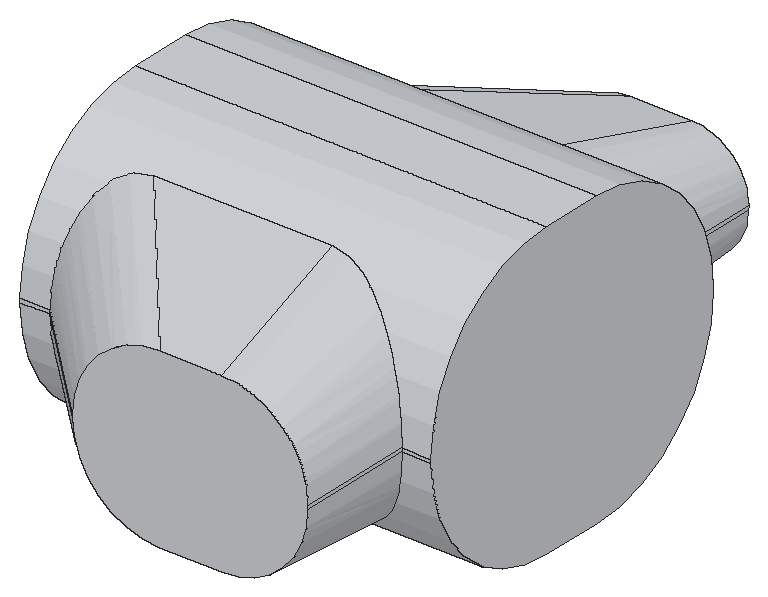
Revit family "M_Cruzamento oval - Sapata", category Conexões de duto, Revit 2019
Family settings
  Cota do conector redondo = Utilizar diâmetro
  Tipo de parte = Cruzeta
  Número OmniClass = 23.75.70.14
  Título OmniClass = Air Ductwork
  ID de item do Seek = Oval Cross - Shoe-0000-CAN-ENU
  Com base no plano de trabalho = Não
  Sempre na vertical = Sim
  Corte com vazios quando carregada = Não
  Compartilhado = Não
Parameters (values of type "Padrão")
  Largura [instance] = if(Largura do duto 3 > Largura do duto 4, Largura do duto 3, Largura do duto 4)  # 200 mm
  Comprimento 12 [instance] = (Altura do duto 3 * 0.5 - (Altura do duto 1 - Largura do duto 1) * 0.5 + Comprimento 7) / (Largura do duto 1 / 50 mm)  # 20.833 mm
  Comprimento 11 [instance] = (Altura do duto 4 * 0.5 - (Altura do duto 1 - Largura do duto 1) * 0.5 + Comprimento 8) / (Largura do duto 1 / 50 mm)  # 16.667 mm
  Raio [instance] = if(Largura do duto 1 > Altura do duto 1, Largura do duto 1 * 2, Altura do duto 1 * 2)  # 600 mm
  Deslocamento 4 [instance] = Comprimento 6 * -1 / 2  # -112.5 mm
  Deslocamento 3 [instance] = Comprimento 5 / 2  # 112.5 mm
  Comprimento 9 [instance] = Comprimento 1 * 4  # 1400 mm
  Comprimento 8 [instance] = if(Altura do duto 4 > Altura do duto 1 - 50 mm, 0 mm, 25 mm)  # 25 mm
  Comprimento 7 [instance] = if(Altura do duto 3 > Altura do duto 1 - 50 mm, 0 mm, 25 mm)  # 25 mm
  Comprimento 6 [instance] = Comprimento base 4 + Comprimento 10 / 2  # 225 mm
  Comprimento 5 [instance] = Comprimento base 3 + Comprimento 10 / 2  # 225 mm
  Comprimento 2 [instance] = Largura / 2 + 25 mm  # 125 mm
  Comprimento 10 [instance] = if(Altura do duto 1 < Largura do duto 1, Altura do duto 1, Largura do duto 1)  # 250 mm
  Largura base 4 [instance] = Largura do duto 4 + Comprimento 6  # 375 mm
  Comprimento base 4 [instance] = if(Largura do duto 4 < 225 mm, 100 mm, if(Largura do duto 4 < 375 mm, 175 mm, if(Largura do duto 4 < 700 mm, 254 mm, 325 mm)))  # 100 mm
  Comprimento base 3 [instance] = if(Largura do duto 3 < 225 mm, 100 mm, if(Largura do duto 3 < 375 mm, 175 mm, if(Largura do duto 3 < 700 mm, 254 mm, 325 mm)))  # 100 mm
  Comprimento 4 [instance] = Comprimento base 4 + Largura do duto 1 / 2  # 250 mm
  Comprimento 3 [instance] = Comprimento base 3 + Largura do duto 1 / 2  # 250 mm
  Comprimento 1 [instance] = if(Comprimento base 3 > Comprimento base 4, Largura + Comprimento base 3 + 50 mm, Largura + Comprimento base 4 + 50 mm)  # 350 mm
  Largura base 3 [instance] = Largura do duto 3 + Comprimento 5  # 425 mm
  Largura do duto 4 [instance] = 150 mm
  Largura do duto 3 [instance] = 200 mm
  Largura do duto 1 [instance] = 300 mm
  Altura do duto 4 [instance] = 100 mm
  Altura do duto 3 [instance] = 150 mm
  Altura do duto 1 [instance] = 250 mm
  Altura base 4 [instance] = if(Comprimento 8 = 0 mm, Altura do duto 4, if(Altura do duto 1 > Largura do duto 1, Altura do duto 4 + 2 * Comprimento 8 * (Comprimento base 4 + Largura do duto 1 * 0.5) / (Comprimento base 4 + Largura do duto 1 * 0.5 * (1 - cos(Ângulo 4))), ((2 * Comprimento 8 * Comprimento 6 / (Comprimento 6 - 0.5 * Altura do duto 1 * sin(Ângulo 2)) + Altura do duto 4))))  # 190 mm
  Altura base 3 [instance] = if(Comprimento 7 = 0 mm, Altura do duto 3, if(Altura do duto 1 > Largura do duto 1, Altura do duto 3 + 2 * Comprimento 7 * (Comprimento base 3 + Largura do duto 1 * 0.5) / (Comprimento base 3 + Largura do duto 1 * 0.5 * (1 - cos(Ângulo 3))), ((2 * Comprimento 7 * Comprimento 5 / (Comprimento 5 - 0.5 * Altura do duto 1 * sin(Ângulo 1)) + Altura do duto 3))))  # 225 mm
  Ângulo 4 [instance] = if(Comprimento 11 > 25 mm, 0.00°, asin(Comprimento 11 / 25 mm))  # 41.8103°
  Ângulo 3 [instance] = if(Comprimento 12 > 25 mm, 0.00°, asin(Comprimento 12 / 25 mm))  # 56.4427°
  Ângulo 2 [instance] = if(Comprimento 8 = 0 mm, 0.00°, acos((0.5 * Altura do duto 4 + Comprimento 8) / (Altura do duto 1 * 25 mm / 2) * 25 mm))  # 53.1301°
  Ângulo 1 [instance] = if(Comprimento 7 = 0 mm, 0.00°, acos((0.5 * Altura do duto 3 + Comprimento 7) / (Altura do duto 1 * 25 mm / 2) * 25 mm))  # 36.8699°
Reference planes
  plane 1 "Centro (Frente/Trás)": y = 0
  plane 2: z = 0
  plane 3 "Centro (Esquerda/Direita)": x = 0
  plane 4: y = 250
  plane 5: y = -250
  plane 6: x = 125
  plane 7: x = -225
Forms (mm)
  SweptBlend 1, solid, detail levels medium+fine
    path origin (0, 0, 0) x (1, 0, 0) y (0, 1, 0)
      loop
        line (0, -250) -> (0, -25)
    profile "M_Duto - Oval : Duto - Oval 3" origin (0, -250, 0) x (-1, 0, 0) y (0, 0, 1)
      loop
        line (-100, 1.588) -> (-100, -1.587)
        arc (-100, -1.587) -> (-78.498, -53.498) -> (-26.587, -75) r 73.413
        line (-26.587, -75) -> (26.588, -75)
        arc (26.588, -75) -> (78.498, -53.498) -> (100, -1.587) r 73.413
        line (100, -1.587) -> (100, 1.587)
        arc (100, 1.587) -> (78.498, 53.498) -> (26.588, 75) r 73.413
        line (26.588, 75) -> (-26.588, 75)
        arc (-26.588, 75) -> (-78.498, 53.498) -> (-100, 1.588) r 73.413
    end profile "M_Duto - Oval : Duto - Base 3" origin (0, -25, 0) x (-1, 0, 0) y (0, 0, 1)
      loop
        line (-100, 1.588) -> (-100, -1.587)
        arc (-100, -1.587) -> (-67.514, -80.014) -> (10.913, -112.5) r 110.913
        line (10.913, -112.5) -> (214.088, -112.5)
        arc (214.088, -112.5) -> (292.514, -80.014) -> (325, -1.587) r 110.913
        line (325, -1.587) -> (325, 1.587)
        arc (325, 1.587) -> (292.514, 80.014) -> (214.088, 112.5) r 110.913
        line (214.088, 112.5) -> (10.912, 112.5)
        arc (10.912, 112.5) -> (-67.514, 80.014) -> (-100, 1.588) r 110.913
  Sweep 2, solid, detail levels medium+fine
    path in 3D
      loop
        line (-225, 0, 0) -> (125, 0, 0)
    profile "M_Duto - Oval : Duto - Oval 1" origin (-50, 0, 0) x (0, 1, 0) y (0, 0, 1)
      loop
        line (-150, 1.588) -> (-150, -1.587)
        arc (-150, -1.587) -> (-113.853, -88.853) -> (-26.587, -125) r 123.413
        line (-26.587, -125) -> (26.588, -125)
        arc (26.588, -125) -> (113.853, -88.853) -> (150, -1.587) r 123.413
        line (150, -1.587) -> (150, 1.587)
        arc (150, 1.587) -> (113.853, 88.853) -> (26.588, 125) r 123.413
        line (26.588, 125) -> (-26.588, 125)
        arc (-26.588, 125) -> (-113.853, 88.853) -> (-150, 1.588) r 123.413
  SweptBlend 3, solid, detail levels medium+fine
    path origin (0, 0, 0) x (1, 0, 0) y (0, 1, 0)
      loop
        line (0, 250) -> (0, 25)
    profile "M_Duto - Oval : Duto - Oval 4" origin (0, 250, 0) x (1, 0, 0) y (0, 0, 1)
      loop
        line (-75, 1.588) -> (-75, -1.587)
        arc (-75, -1.587) -> (-60.82, -35.82) -> (-26.587, -50) r 48.413
        line (-26.587, -50) -> (26.588, -50)
        arc (26.588, -50) -> (60.82, -35.82) -> (75, -1.587) r 48.413
        line (75, -1.587) -> (75, 1.587)
        arc (75, 1.587) -> (60.82, 35.82) -> (26.588, 50) r 48.413
        line (26.588, 50) -> (-26.587, 50)
        arc (-26.587, 50) -> (-60.82, 35.82) -> (-75, 1.588) r 48.413
    end profile "M_Duto - Oval : Duto - Base 4" origin (0, 25, 0) x (1, 0, 0) y (0, 0, 1)
      loop
        line (-300, 1.588) -> (-300, -1.587)
        arc (-300, -1.587) -> (-272.64, -67.64) -> (-206.587, -95) r 93.413
        line (-206.587, -95) -> (-18.412, -95)
        arc (-18.412, -95) -> (47.64, -67.64) -> (75, -1.587) r 93.413
        line (75, -1.587) -> (75, 1.587)
        arc (75, 1.587) -> (47.64, 67.64) -> (-18.412, 95) r 93.413
        line (-18.412, 95) -> (-206.588, 95)
        arc (-206.588, 95) -> (-272.64, 67.64) -> (-300, 1.588) r 93.413
  Sweep 4, void
    path in 3D
      loop
        line (-225, 0, 0) -> (-1625, 0, 0)
    profile origin (-925, 0, 0) x (0, -1, 0) y (0, 0, 1)
      loop
        circle (0, 0) r 600
Cuts and joins
  Sweep 4 cuts SweptBlend 1
  Sweep 4 cuts SweptBlend 3
  joined: SweptBlend 1, Sweep 2, SweptBlend 3
Lines and regions (mm)
  model lines, detail levels coarse
    curve 1: line (0, 250, 0) -> (0, 0, 0)
    curve 2: line (0, -250, 0) -> (0, 0, 0)
    curve 3: line (-225, 0, 0) -> (125, 0, 0)
  sketch lines
    curve 4: line (-225, 0, 0) -> (125, 0, 0)
    curve 6: line (-225, 0, 0) -> (-1625, 0, 0)
  reference lines
    curve 5: line (-225, 0, 0) -> (-1625, 0, 0)
Dimensions and locks
  "Comprimento 4": plane 4 to plane 1 "Centro (Frente/Trás)"
  "Comprimento 3": plane 5 to plane 1 "Centro (Frente/Trás)"
  "Comprimento 5": SweptBlend 1 sketch curve to SweptBlend 1 sketch curve
  "Comprimento 2": plane 3 "Centro (Esquerda/Direita)" to plane 6
  "Comprimento 1": plane 7 to plane 6
  "Comprimento 6": SweptBlend 3 sketch curve to SweptBlend 3 sketch curve
  "Comprimento 9": curve 5 to curve 5
  "Raio": radius of Sweep 4 sketch curve
  aligned and locked: curve 1 to plane 3 "Centro (Esquerda/Direita)"
  aligned and locked: plane 4 to curve 1
  aligned and locked: plane 3 "Centro (Esquerda/Direita)" to curve 2
  aligned and locked: plane 1 "Centro (Frente/Trás)" to curve 2
  aligned and locked: plane 5 to curve 2
  aligned and locked: plane 5 to SweptBlend 1 sketch curve
  aligned and locked: plane 3 "Centro (Esquerda/Direita)" to SweptBlend 1 sketch curve
  aligned and locked: plane 1 "Centro (Frente/Trás)" to curve 3
  aligned and locked: plane 6 to curve 3
  aligned and locked: plane 7 to curve 3
  aligned and locked: SweptBlend 3 sketch curve to plane 3 "Centro (Esquerda/Direita)"
  aligned and locked: plane 4 to SweptBlend 3 sketch curve
  aligned and locked: curve 5 to plane 1 "Centro (Frente/Trás)"
  aligned and locked: plane 7 to curve 5
  aligned and locked: plane 1 "Centro (Frente/Trás)" to Sweep 4 sketch curve
  aligned and locked: plane 2 to Sweep 4 sketch curve
Connectors
  hvac at (-225, 0, 0), driven by "Altura do duto 1", driven by "Largura do duto 1"
    settings: on Sweep 2, index 1, duct flow 0.0 L/s, flow factor 0, pres drop 0.0 Pa, loss coef 0, conn angle 0.00°, conn width 300 mm, conn height 250 mm, conn diameter 609.6 mm, duct sys type 28, conn prof type 2, flow config 0, flow direction 0, loss method 0, conn ref index 2, conn util no, is conn primary yes, conn desc ""
  hvac at (125, 0, 0), driven by "Altura do duto 1", driven by "Largura do duto 1"
    settings: on Sweep 2, index 2, duct flow 0.0 L/s, flow factor 0, pres drop 0.0 Pa, loss coef 0, conn angle 0.00°, conn width 300 mm, conn height 250 mm, conn diameter 609.6 mm, duct sys type 28, conn prof type 2, flow config 0, flow direction 0, loss method 0, conn ref index 1, conn util no, is conn primary no, conn desc ""
  hvac at (0, -250, 0), driven by "Altura do duto 3", driven by "Largura do duto 3"
    settings: on SweptBlend 1, index 3, duct flow 0.0 L/s, flow factor 0, pres drop 0.0 Pa, loss coef 0, conn angle 0.00°, conn width 200 mm, conn height 150 mm, conn diameter 609.6 mm, duct sys type 28, conn prof type 2, flow config 0, flow direction 0, loss method 0, conn ref index 4, conn util no, is conn primary no, conn desc ""
  hvac at (0, 250, 0), driven by "Altura do duto 4", driven by "Largura do duto 4"
    settings: on SweptBlend 3, index 4, duct flow 0.0 L/s, flow factor 0, pres drop 0.0 Pa, loss coef 0, conn angle 0.00°, conn width 150 mm, conn height 100 mm, conn diameter 609.6 mm, duct sys type 28, conn prof type 2, flow config 0, flow direction 0, loss method 0, conn ref index 3, conn util no, is conn primary no, conn desc ""
